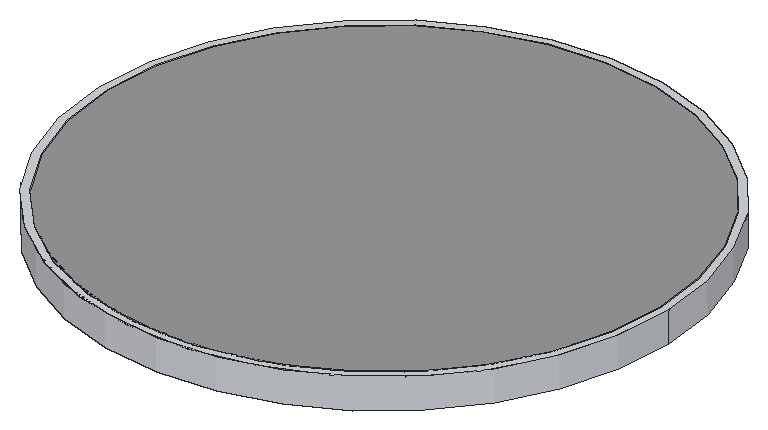
Revit family "2071322", category Lighting Fixtures, host Face, Revit 2018
Family settings
  Host = Face
  Round Connector Dimension = Use Diameter
  Part Type = Junction Box
  OmniClass Number = 23.80.70.00
  OmniClass Title = Lighting
  Cut with Voids When Loaded = No
  Light Source = Yes
  Shared = No
  Room Calculation Point = No
Parameters (values of type "2071322 COLOSSAL 1200 940 OP DIR+H WHT DALI EM")
  iner diameter = 1168 mm
  Weight = "n/a"
  Wattage Comments = ""
  Wattage = 30 W
  WarrantyStartDate [instance] = "n/a"
  WarrantyGuarantorParts = "n/a"
  WarrantyDurationUnit = "n/a"
  WarrantyDurationParts = ""
  WarrantyDescription = "http://www.sylvania-lighting.com"
  built-in parameter 1150110 = 1 (stored number, unit not read)
  Voltage = 230 V
  URL = "0.95"
  TypeName = "COLOSSAL 1200mm 940 OPAL DIR+HAL WHITE DALI EM"
  Type Image = <None>
  Type Comments = "n/a"
  built-in parameter 1114217 = 1 (stored number, unit not read)
  Tilt Angle = -90.00°
  built-in parameter 1150109 = 1 (stored number, unit not read)
  built-in parameter 1150134 = (empty or 0)
  built-in parameter 1150113 = 1 (stored number, unit not read)
  SerialNumber [instance] = "n/a"
  Photometric Web File = "2071322.ies"
  Material_3_SYL = LED-Sylvania
  PowerFactor = 0
  PowerConsumption = "Lighting"
  NominalLength = 1168 mm
  NominalHeight = 93 mm
  NominalDepth = 1168 mm
  Name = "COLOSSAL 1200mm 940 OPAL DIR+HAL WHITE DALI EM"
  ModelReference = Name  # "COLOSSAL 1200mm 940 OPAL DIR+HAL WHITE DALI EM"
  ModelNumber = "2071322"
  Model = Name  # "COLOSSAL 1200mm 940 OPAL DIR+HAL WHITE DALI EM"
  Material = "Feilo Sylvania"
  ManufacturerName = "120 lm/W"
  Manufacturer = ""
  LuminousEfficacy = ""
  built-in parameter 1150105 = 270.44 (stored number, unit not read)
  Lumens = 3398.4 lm
  LuminaireType = "0"
  built-in parameter 1150115 = 1 (stored number, unit not read)
  LightOutputRatio = "LED"
  built-in parameter 1150137 = (empty or 0)
  built-in parameter 1150139 = (empty or 0)
  LampsType = Lamp  # "n/a"
  LampNominalLuminous = "4000 K"
  LampMacAdamStep = "90"
  LampColourTemperature = "LED"
  LampColourRenderingIndex = "16500"
  built-in parameter 1150112 = 1 (stored number, unit not read)
  built-in parameter 1150114 = 1 (stored number, unit not read)
  Lamp = "n/a"
  Keynote = "n/a"
  InstallationDate [instance] = "n/a"
  InputVoltage = "0"
  InputNominalFrequency = "4000"
  built-in parameter 1150132 = (empty or 0)
  built-in parameter 1150102 = (empty or 0)
  built-in parameter 1150107 = 3000 (stored number, unit not read)
  built-in parameter 1150138 = (empty or 0)
  IngressProtection = "IfcLightFixtureType"
  ImpactProtectionIndex = "IfcLightFixtureType"
  built-in parameter 1150106 = 2.7044 (stored number, unit not read)
  IfcExportType = "IfcLightFixtureType"
  IfcExportAs = "Class I"
  Emit from Circle Diameter = 385 mm
  Emit Shape Visible in Rendering = no
  ElectricShockClassification = "120"
  built-in parameter 1150104 = 10.524 (stored number, unit not read)
  DocumentationLiterature = "http://www.sylvania-lighting.com/product/en-int/products/2071322"
  DimmingControlOptions = "n/a"
  Material_2_SYL = Polycarbonate_Sylvania_White
  Dimming Lamp Color Temperature Shift = <None>
  Description = "1200mm diameter circular architectural luminaire, can be surface mounted or suspended. Powder coated aluminium housing (RAL9016) with polycarbonate opal diffuser. Direct/indirect (halo) light distribution, 18885lm luminuous flux, 157W system power, 120lm/W luminiaire efficacy. DALI dimmable. 3 hours integrated emergency. Colour rendering index Ra >90, 4000K Neutral White LED, chromaticity tolerance of 3-step MacAdam ellipse. IP40/IP20, IK03. 450mA drive current. Electrical protection Class1, 220-240V. Reported lifetime 66k hours L90B10."
  Default Elevation = 1219.2 mm
  CreatedOn = "23/03/2022"
  CreatedBy = "@sylvania-lighting.com"
  Cost = 0
  Color Filter = 16777215
  built-in parameter 1114216 [instance] = (empty or 0)
  ClassificationValue = "EF_70_80"
  ClassificationName = "Uniclass2015"
  Material_1_SYL = Polycarbonate_Sylvania_Opal
  BarCode [instance] = "n/a"
  built-in parameter 1114218 = 1 (stored number, unit not read)
  built-in parameter 1150133 = 10 (stored number, unit not read)
  AssetType = "Fixed"
  AssetIdentifier [instance] = "n/a"
  Assembly Code = "D5020200"
  Apparent Load = 157 VA
  Material_4_SYL = none
Reference planes
  plane 1 "Center (Front/Back)": y = 0
  plane 2: z = 0
  plane 3 "Center (Left/Right)": x = 0
  plane 4: z = 1.161
  plane 5: z = 16.161
  plane 6: y = 584
  plane 7: y = -584
  plane 8: x = 85
  plane 9: x = -85
  plane 10: through (0, 0, 1219.2) normal (0.5, 0.866, 0)
  plane 11: through (42.5, 73.612, 1219.2) normal (0.5, 0.866, 0)
  plane 12: through (-42.5, -73.612, 1219.2) normal (0.5, 0.866, 0)
  plane 13: through (0, 0, 1219.2) normal (0.5, -0.866, 0)
  plane 14: through (-42.5, 73.612, 1219.2) normal (0.5, -0.866, 0)
  plane 15: through (42.5, -73.612, 1219.2) normal (0.5, -0.866, 0)
  plane 16: z = 93
  plane 17: y = 584
  plane 18: y = -584
  plane 19: y = -429
  plane 20: x = -584
  plane 21: x = 584
Forms (mm)
  Extrusion 1, solid, detail levels medium+fine
    sketch origin (0, 0, 0) x (0.866025, -0.5, 0) y (0.5, 0.866025, 0)
      loop
        circle (-50, 86.603) r 22
    from 0 to 2
  Extrusion 2, solid, detail levels medium+fine
    sketch origin (0, 0, 0) x (0.866025, -0.5, 0) y (0.5, 0.866025, 0)
      loop
        circle (100, 0) r 22
      loop
        circle (-50, -86.603) r 22
    from 0 to 2
  Extrusion 3, solid, detail levels medium+fine
    sketch origin (0, 0, 0) x (1, 0, 0) y (0, 1, 0)
      loop
        circle (0, 0) r 584
    from 30 to 93
  Extrusion 4, void
    sketch origin (0, 0, 0) x (1, 0, 0) y (0, 1, 0)
      loop
        circle (0, 0) r 568
    from 96.588 to 37.292
  Extrusion 5, solid, material "Glass, White, High Luminance", detail levels fine
    sketch origin (0, 0, 0) x (1, 0, 0) y (0, 1, 0)
      loop
        circle (0, 0) r 568
    from 88.022 to 93
  Extrusion 6, solid, detail levels coarse
    sketch origin (0, 0, 0) x (1, 0, 0) y (0, 1, 0)
      loop
        line (-584, 584) -> (-584, -584) -> (584, -584) -> (584, 584) -> (-584, 584)
    from 0 to 93
  Blend 7, solid, detail levels medium+fine
    base sketch origin (-10.814, 11.299, 29.922) x (1, 0, 0) y (0, 1, 0)
      loop
        line (-402.654, -330.622) -> (397.346, -330.622) -> (482.346, -183.398) -> (82.346, 509.423) -> (-87.654, 509.423) -> (-487.654, -183.398) -> (-402.654, -330.622)
    top sketch origin (-10.814, 11.299, 29.922) x (1, 0, 0) y (0, 1, 0)
      loop
        line (-363.391, -306.496) -> (364.632, -306.496) -> (449.632, -159.272) -> (87.132, 468.597) -> (-82.868, 468.597) -> (-445.368, -159.272) -> (-363.391, -306.496)
    from 0 to -30
Cuts and joins
  Extrusion 4 cuts Extrusion 1
  Extrusion 4 cuts Extrusion 2
  Extrusion 4 cuts Extrusion 3
Lines and regions (mm)
  model lines, detail levels medium+fine
    curve 1: circle (0, 0, 0) r 155 normal (0, 0, 1)
  reference lines
    curve 2: circle (0, 0, 0) r 489 normal (0, 0, 1)
    curve 3: circle (0, 0, 0) r 521 normal (0, 0, 1)
    curve 4: line (0, 0, 0) -> (606.218, -350, 0)
    curve 5: line (0, 0, 0) -> (0, 825, 0)
    curve 6: line (0, 0, 0) -> (-623.538, -360, 0)
    curve 7: line (639.013, -270.785, 0) -> (85, 49.075, 0)
    curve 8: line (563.718, -423.612, 0) -> (0, -98.15, 0)
    curve 9: line (85, 49.075, 0) -> (85, 825, 0)
    curve 10: line (-85, 49.075, 0) -> (-85, 825, 0)
    curve 11: line (-85, 49.075, 0) -> (-666.038, -286.388, 0)
    curve 12: line (-581.038, -433.612, 0) -> (0, -98.15, 0)
Dimensions and locks
  plane 4 to level = 1.161 mm
  locked: plane 5 to plane 4 at 15
  "NominalDepth": plane 6 to plane 7
  plane 6 to plane 1 "Center (Front/Back)" to plane 7 = 584 mm, 584 mm
  "NominalHeight": level to plane 16
  equal spacing: plane 17, plane 1 "Center (Front/Back)", plane 18
  "NominalLength": plane 20 to plane 21
  equal spacing: plane 20, plane 3 "Center (Left/Right)", plane 21
  aligned and locked: plane 2 to host face
  aligned and locked: level to host face
  aligned and locked: plane 6 to Extrusion 6
Automatic sketch dimensions
  host sketch curve to host sketch curve = 2438.4 mm  (x2)
  Extrusion 1 sketch curve to plane 3 "Center (Left/Right)" = 0 mm
  Extrusion 1 sketch curve to plane 1 "Center (Front/Back)" = 100 mm
  plane 1 "Center (Front/Back)" to Extrusion 2 sketch curve = 50 mm
  Extrusion 2 sketch curve to plane 3 "Center (Left/Right)" = 86.603 mm
  Extrusion 2 sketch curve to Extrusion 2 sketch curve = 150 mm
  Extrusion 2 sketch curve to Extrusion 2 sketch curve = 86.603 mm
  plane 1 "Center (Front/Back)" to curve 1 = 0 mm
  curve 1 to plane 3 "Center (Left/Right)" = 0 mm
  plane 1 "Center (Front/Back)" to Extrusion 3 sketch curve = 0 mm
  Extrusion 3 sketch curve to plane 3 "Center (Left/Right)" = 0 mm
  plane 1 "Center (Front/Back)" to Extrusion 4 sketch curve = 0 mm
  Extrusion 4 sketch curve to plane 3 "Center (Left/Right)" = 0 mm
  plane 1 "Center (Front/Back)" to Extrusion 5 sketch curve = 0 mm
  Extrusion 5 sketch curve to plane 3 "Center (Left/Right)" = 0 mm
  curve 2 to curve 3 = 0 mm  (x2)
  curve 11 to plane 14 = 0 mm
  curve 6 to plane 13 = 0 mm
  curve 12 to plane 15 = 0 mm
  curve 10 to plane 9 = 0 mm
  curve 12 to plane 3 "Center (Left/Right)" = 0 mm
  plane 1 "Center (Front/Back)" to curve 3 = 0 mm
  curve 3 to plane 3 "Center (Left/Right)" = 0 mm
  curve 7 to plane 8 = 0 mm
  curve 11 to plane 10 = 0 mm
  curve 12 to plane 19 = 4.612 mm
  plane 19 to curve 6 = 69 mm
  plane 19 to curve 11 = 142.612 mm
  plane 19 to curve 8 = 5.388 mm
  plane 19 to curve 4 = 79 mm
  plane 19 to curve 7 = 158.215 mm
  plane 6 to curve 5 = 241 mm
  curve 10 to curve 5 = 0 mm
  curve 5 to curve 9 = 0 mm
  plane 1 "Center (Front/Back)" to curve 6 = 0 mm
  curve 6 to plane 3 "Center (Left/Right)" = 0 mm
  Extrusion 6 sketch curve to plane 7 = 0 mm
  Extrusion 6 sketch curve to plane 6 = 0 mm
  Blend 7 sketch curve to plane 6 = 756.098 mm  (x2)
  Blend 7 sketch curve to Blend 7 sketch curve = 85 mm
  plane 3 "Center (Left/Right)" to Blend 7 sketch curve = 386.532 mm
  plane 8 to Blend 7 sketch curve = 386.532 mm
  Blend 7 sketch curve to plane 6 = 63.278 mm
  Blend 7 sketch curve to plane 6 = 731.972 mm  (x2)
  Blend 7 sketch curve to Blend 7 sketch curve = 81.977 mm
  plane 3 "Center (Left/Right)" to Blend 7 sketch curve = 353.818 mm
  plane 8 to Blend 7 sketch curve = 353.818 mm
  Blend 7 sketch curve to plane 6 = 104.104 mm
  plane 12 to curve 8 = 0 mm
  plane 19 to Blend 7 sketch curve = 109.677 mm
  plane 19 to Blend 7 sketch curve = 133.803 mm
  plane 8 to Extrusion 6 sketch curve = 499 mm
  Extrusion 6 sketch curve to plane 9 = 499 mm
  Blend 7 sketch curve to plane 8 = 13.468 mm
  Blend 7 sketch curve to plane 9 = 13.468 mm
  Blend 7 sketch curve to plane 9 = 328.468 mm
  Blend 7 sketch curve to plane 8 = 8.682 mm
  Blend 7 sketch curve to plane 9 = 8.682 mm
  Blend 7 sketch curve to plane 9 = 289.205 mm
  plane 10 to curve 4 = 0 mm
  plane 11 to curve 7 = 0 mm
  curve 12 to plane 12 = 0 mm
  curve 9 to plane 11 = 0 mm
  radius of Extrusion 1 sketch curve = 22 mm
  radius of Extrusion 2 sketch curve = 22 mm  (x2)
  radius of curve 1 = 155 mm
  radius of Extrusion 3 sketch curve = 584 mm
  radius of Extrusion 4 sketch curve = 568 mm
  radius of Extrusion 5 sketch curve = 568 mm
  radius of curve 2 = 489 mm
  radius of curve 3 = 521 mm
Connectors
  electrical at (0, 0, 30)
    settings: on cut or joined group of Extrusion 3, Extrusion 4, index 1, voltage 0 V, apparent load 0 VA, apparent load phase1 0 VA, apparent load phase2 0 VA, apparent load phase3 0 VA, power factor 1, load classification "Other", number of poles 1, system type 31, power factor state 1, is connector primary yes, connector utility no, sub classification motor no, connector description ""
